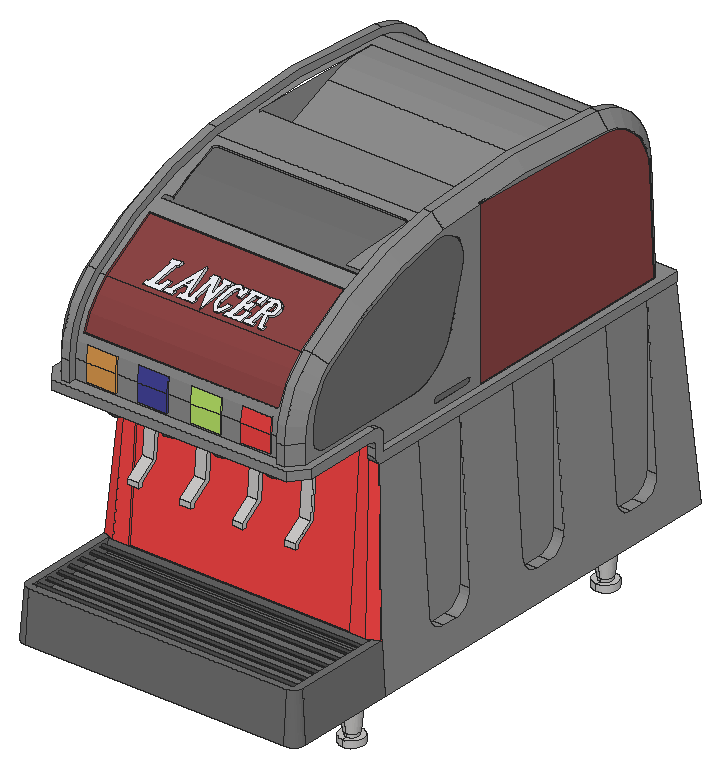
Revit family (continued)
Lines and regions (in)
  symbolic lines
    curve 39: line (1.32778, -27.06729, 3.951) -> (14.37222, -27.06729, 3.951)
    curve 40: line (0.66452, -26.18661, 3.951) -> (1.32778, -27.06729, 3.951)
    curve 41: line (0.18745, -21.89694, 3.951) -> (0.66452, -21.41022, 3.951)
    curve 42: line (0.18745, -21.89694, 3.951) -> (0, -21.89694, 3.951)
    curve 43: line (0.18745, -21.89694, 3.951) -> (0.18745, -27.399, 3.951)
    curve 44: arc (0.18745, -27.399, 3.951) -> (0.33025, -27.74375, 3.951) -> (0.675, -27.88655, 3.951) r 0.48755
    curve 45: line (0.675, -27.88655, 3.951) -> (15.025, -27.88655, 3.951)
    curve 46: line (15.025, -28.074, 3.951) -> (0.675, -28.074, 3.951)
    curve 47: arc (15.025, -27.88655, 3.951) -> (15.36975, -27.74375, 3.951) -> (15.51255, -27.399, 3.951) r 0.48755
    curve 48: line (15.51255, -21.89694, 3.951) -> (15.51255, -27.399, 3.951)
    curve 49: line (0.56333, -27.51067, 3.951) -> (0.56333, -21.51346, 3.951)
    curve 50: line (15.13667, -27.51067, 3.951) -> (0.56333, -27.51067, 3.951)
    curve 51: line (15.13667, -21.51346, 3.951) -> (15.13667, -27.51067, 3.951)
    curve 52: line (15.03569, -21.41044, 3.951) -> (15.51255, -21.89694, 3.951)
    curve 53: line (0.18172, -18.66262, 3.951) -> (0.66452, -18.66262, 3.951)
    curve 54: spline (0.18172, -18.6625, 3.951) -> (0.17286, -18.65426, 3.951) -> (0.16416, -18.62935, 3.951) -> (0.15574, -18.58818, 3.951) -> (0.14777, -18.53144, 3.951) -> (0.14036, -18.4601, 3.951) -> (0.13364, -18.37534, 3.951) -> (0.12773, -18.27859, 3.951) -> (0.12272, -18.17147, 3.951) -> (0.11871, -18.05579, 3.951) -> (0.11575, -17.93348, 3.951) -> (0.11389, -17.8066, 3.951) -> (0.11318, -17.67729, 3.951)
    curve 55: spline (0.11318, -16.77296, 3.951) -> (0.11389, -16.64364, 3.951) -> (0.11575, -16.51677, 3.951) -> (0.11871, -16.39446, 3.951) -> (0.12272, -16.27878, 3.951) -> (0.12773, -16.17166, 3.951) -> (0.13364, -16.07491, 3.951) -> (0.14036, -15.99015, 3.951) -> (0.14777, -15.9188, 3.951) -> (0.15574, -15.86207, 3.951) -> (0.16416, -15.8209, 3.951) -> (0.17286, -15.79599, 3.951) -> (0.18172, -15.78775, 3.951)
    curve 56: line (0.11318, -17.67729, 3.951) -> (0.11318, -16.77296, 3.951)
    curve 57: line (0.66452, -15.78762, 3.951) -> (0.18172, -15.78762, 3.951)
    curve 58: line (0.18172, -12.16262, 3.951) -> (0.66452, -12.16262, 3.951)
    curve 59: spline (0.18172, -12.1625, 3.951) -> (0.17286, -12.15426, 3.951) -> (0.16416, -12.12935, 3.951) -> (0.15574, -12.08818, 3.951) -> (0.14777, -12.03144, 3.951) -> (0.14036, -11.9601, 3.951) -> (0.13364, -11.87534, 3.951) -> (0.12773, -11.77859, 3.951) -> (0.12272, -11.67147, 3.951) -> (0.11871, -11.55579, 3.951) -> (0.11575, -11.43348, 3.951) -> (0.11389, -11.3066, 3.951) -> (0.11318, -11.17729, 3.951)
    curve 60: line (0.11318, -11.17729, 3.951) -> (0.11318, -10.27296, 3.951)
    curve 61: spline (0.11318, -10.27296, 3.951) -> (0.11389, -10.14364, 3.951) -> (0.11575, -10.01677, 3.951) -> (0.11871, -9.89446, 3.951) -> (0.12272, -9.77878, 3.951) -> (0.12773, -9.67166, 3.951) -> (0.13364, -9.57491, 3.951) -> (0.14036, -9.49015, 3.951) -> (0.14777, -9.4188, 3.951) -> (0.15574, -9.36207, 3.951) -> (0.16416, -9.3209, 3.951) -> (0.17286, -9.29599, 3.951) -> (0.18172, -9.28775, 3.951)
    curve 62: line (0.66452, -9.28762, 3.951) -> (0.18172, -9.28762, 3.951)
    curve 63: line (0.18172, -5.66262, 3.951) -> (0.66452, -5.66262, 3.951)
    curve 64: spline (0.18172, -5.6625, 3.951) -> (0.17286, -5.65426, 3.951) -> (0.16416, -5.62935, 3.951) -> (0.15574, -5.58818, 3.951) -> (0.14777, -5.53144, 3.951) -> (0.14036, -5.4601, 3.951) -> (0.13364, -5.37534, 3.951) -> (0.12773, -5.27859, 3.951) -> (0.12272, -5.17147, 3.951) -> (0.11871, -5.05579, 3.951) -> (0.11575, -4.93348, 3.951) -> (0.11389, -4.8066, 3.951) -> (0.11318, -4.67729, 3.951)
    curve 65: line (0.11318, -4.67729, 3.951) -> (0.11318, -3.77296, 3.951)
    curve 66: spline (0.11318, -3.77296, 3.951) -> (0.11389, -3.64364, 3.951) -> (0.11575, -3.51677, 3.951) -> (0.11871, -3.39446, 3.951) -> (0.12272, -3.27878, 3.951) -> (0.12773, -3.17166, 3.951) -> (0.13364, -3.07491, 3.951) -> (0.14036, -2.99015, 3.951) -> (0.14777, -2.9188, 3.951) -> (0.15574, -2.86207, 3.951) -> (0.16416, -2.8209, 3.951) -> (0.17286, -2.79599, 3.951) -> (0.18172, -2.78775, 3.951)
    curve 67: line (0.66452, -2.78762, 3.951) -> (0.18172, -2.78762, 3.951)
    curve 68: line (15.51828, -2.78762, 3.951) -> (15.03569, -2.78762, 3.951)
    curve 69: spline (15.51828, -2.78775, 3.951) -> (15.52714, -2.79599, 3.951) -> (15.53584, -2.8209, 3.951) -> (15.54426, -2.86207, 3.951) -> (15.55223, -2.9188, 3.951) -> (15.55964, -2.99015, 3.951) -> (15.56636, -3.07491, 3.951) -> (15.57227, -3.17166, 3.951) -> (15.57728, -3.27878, 3.951) -> (15.58129, -3.39446, 3.951) -> (15.58425, -3.51677, 3.951) -> (15.58611, -3.64364, 3.951) -> (15.58682, -3.77296, 3.951)
    curve 70: line (15.58682, -3.77296, 3.951) -> (15.58682, -4.67729, 3.951)
    curve 71: spline (15.58682, -4.67729, 3.951) -> (15.58611, -4.8066, 3.951) -> (15.58425, -4.93348, 3.951) -> (15.58129, -5.05579, 3.951) -> (15.57728, -5.17147, 3.951) -> (15.57227, -5.27859, 3.951) -> (15.56636, -5.37534, 3.951) -> (15.55964, -5.4601, 3.951) -> (15.55223, -5.53144, 3.951) -> (15.54426, -5.58818, 3.951) -> (15.53584, -5.62935, 3.951) -> (15.52714, -5.65426, 3.951) -> (15.51828, -5.6625, 3.951)
    curve 72: line (15.03569, -5.66262, 3.951) -> (15.51828, -5.66262, 3.951)
    curve 73: line (15.51828, -9.28762, 3.951) -> (15.03569, -9.28762, 3.951)
    curve 74: spline (15.51828, -9.28775, 3.951) -> (15.52714, -9.29599, 3.951) -> (15.53584, -9.3209, 3.951) -> (15.54426, -9.36207, 3.951) -> (15.55223, -9.4188, 3.951) -> (15.55964, -9.49015, 3.951) -> (15.56636, -9.57491, 3.951) -> (15.57227, -9.67166, 3.951) -> (15.57728, -9.77878, 3.951) -> (15.58129, -9.89446, 3.951) -> (15.58425, -10.01677, 3.951) -> (15.58611, -10.14364, 3.951) -> (15.58682, -10.27296, 3.951)
    curve 75: line (15.58682, -10.27296, 3.951) -> (15.58682, -11.17729, 3.951)
    curve 76: spline (15.58682, -11.17729, 3.951) -> (15.58611, -11.3066, 3.951) -> (15.58425, -11.43348, 3.951) -> (15.58129, -11.55579, 3.951) -> (15.57728, -11.67147, 3.951) -> (15.57227, -11.77859, 3.951) -> (15.56636, -11.87534, 3.951) -> (15.55964, -11.9601, 3.951) -> (15.55223, -12.03144, 3.951) -> (15.54426, -12.08818, 3.951) -> (15.53584, -12.12935, 3.951) -> (15.52714, -12.15426, 3.951) -> (15.51828, -12.1625, 3.951)
    curve 77: line (15.03569, -12.16262, 3.951) -> (15.51828, -12.16262, 3.951)
    curve 78: line (15.51828, -15.78762, 3.951) -> (15.03569, -15.78762, 3.951)
    curve 79: spline (15.51828, -15.78775, 3.951) -> (15.52714, -15.79599, 3.951) -> (15.53584, -15.8209, 3.951) -> (15.54426, -15.86207, 3.951) -> (15.55223, -15.9188, 3.951) -> (15.55964, -15.99015, 3.951) -> (15.56636, -16.07491, 3.951) -> (15.57227, -16.17166, 3.951) -> (15.57728, -16.27878, 3.951) -> (15.58129, -16.39446, 3.951) -> (15.58425, -16.51677, 3.951) -> (15.58611, -16.64364, 3.951) -> (15.58682, -16.77296, 3.951)
    curve 80: line (15.58682, -16.77296, 3.951) -> (15.58682, -17.67729, 3.951)
    curve 81: spline (15.58682, -17.67729, 3.951) -> (15.58611, -17.8066, 3.951) -> (15.58425, -17.93348, 3.951) -> (15.58129, -18.05579, 3.951) -> (15.57728, -18.17147, 3.951) -> (15.57227, -18.27859, 3.951) -> (15.56636, -18.37534, 3.951) -> (15.55964, -18.4601, 3.951) -> (15.55223, -18.53144, 3.951) -> (15.54426, -18.58818, 3.951) -> (15.53584, -18.62935, 3.951) -> (15.52714, -18.65426, 3.951) -> (15.51828, -18.6625, 3.951)
    curve 82: line (15.03569, -18.66262, 3.951) -> (15.51828, -18.66262, 3.951)
    curve 83: line (2.08888, -1.09556, 3.951) -> (2.08888, -26.80995, 3.951)
    curve 84: line (1.05855, -26.06729, 3.951) -> (1.05855, -1.8372, 3.951)
    curve 85: line (1.65121, -1.09556, 3.951) -> (1.05855, -1.8372, 3.951)
    curve 86: line (2.08888, -1.09556, 3.951) -> (1.65121, -1.09556, 3.951)
    curve 87: line (2.08888, -26.80995, 3.951) -> (1.65121, -26.80995, 3.951)
    curve 88: line (1.65121, -26.80995, 3.951) -> (1.05855, -26.06729, 3.951)
    curve 89: line (13.27099, -6.26737, 3.951) -> (13.27099, -14.037, 3.951)
    curve 90: line (1.65121, -26.80995, 3.951) -> (1.65121, -1.09556, 3.951)
    curve 91: line (2.42901, -6.26737, 3.951) -> (13.27099, -6.26737, 3.951)
    curve 92: arc (15.025, -28.07355, 3.951) -> (15.50198, -27.87598, 3.951) -> (15.69955, -27.399, 3.951) r 0.67455
    curve 93: arc (0.00045, -27.399, 3.951) -> (0.19802, -27.87598, 3.951) -> (0.675, -28.07355, 3.951) r 0.67455
Dimensions and locks (in)
  equal spacing: plane 3 "LEFT", plane 7 "Center Y", plane 4 "RIGHT"
  plane 3 "LEFT" to plane 4 "RIGHT" = 15.700"
  equal spacing: plane 5 "FRONT", plane 8 "Center X", plane 1 "BACK"
  plane 5 "FRONT" to plane 1 "BACK" = 28.074"
  locked: plane 6 "TOP" to plane 9 "Base Height" at 21.6
  "Base Height": plane 9 "Base Height" to level
  plane 6 "TOP" to Extrusion 16 sketch curve to Extrusion 16 sketch curve to Extrusion 16 sketch curve to Extrusion 16 sketch curve to Extrusion 16 sketch curve to Extrusion 16 sketch curve to Extrusion 16 sketch curve to Extrusion 16 sketch curve = 0.74892" locked, 3.58386" locked, 0.11111" locked, 0.18318" locked, 2.89491" locked, 1.07419" locked, 0.500" locked, 0.85257" locked
  locked: Sweep 8 sketch curve to Sweep 8 sketch curve at 11.15126
  locked: plane 6 "TOP" to Extrusion 34 at 3.02157
  Revolve 2 sketch curve to Revolve 2 sketch curve to Revolve 2 sketch curve to Revolve 2 sketch curve = 3.39184" locked, 0.20242" locked, 0.35673" locked
  Revolve 1 sketch curve to Revolve 1 sketch curve to Revolve 1 sketch curve to Revolve 1 sketch curve = 3.39184" locked, 0.20242" locked, 0.35673" locked
  Revolve 4 sketch curve to Revolve 4 sketch curve to Revolve 4 sketch curve to Revolve 4 sketch curve = 0.35673" locked, 0.20242" locked, 3.39184" locked
  Revolve 3 sketch curve to Revolve 3 sketch curve to Revolve 3 sketch curve to Revolve 3 sketch curve = 0.35673" locked, 0.20242" locked, 3.39184" locked
  aligned and locked: level to plane 2
Automatic sketch dimensions
  Revolve 1 sketch curve to level = 0.000"
  Revolve 1 sketch curve to plane 9 "Base Height" = 0.000"
  plane 1 "BACK" to Revolve 1 sketch curve = 2.76053"
  Revolve 1 sketch curve to Revolve 1 sketch curve = 0.000"
  Revolve 1 sketch curve to Revolve 1 sketch curve = 0.34216"
  Revolve 1 sketch curve to Revolve 1 sketch curve = 0.05135"
  Revolve 1 sketch curve to Revolve 1 sketch curve = 0.30316"
  Revolve 1 sketch curve to Revolve 1 sketch curve = 0.750"
  Revolve 1 sketch curve to Revolve 1 sketch curve = 0.500"
  Revolve 2 sketch curve to level = 0.000"
  Revolve 2 sketch curve to plane 9 "Base Height" = 0.000"
  Revolve 2 sketch curve to Revolve 2 sketch curve = 0.000"
  Revolve 2 sketch curve to Revolve 2 sketch curve = 0.34216"
  Revolve 2 sketch curve to Revolve 2 sketch curve = 0.05135"
  Revolve 2 sketch curve to Revolve 2 sketch curve = 0.30316"
  Revolve 2 sketch curve to Revolve 2 sketch curve = 0.750"
  Revolve 2 sketch curve to Revolve 2 sketch curve = 0.500"
  Revolve 3 sketch curve to level = 0.000"
  Revolve 3 sketch curve to plane 9 "Base Height" = 0.000"
  plane 1 "BACK" to Revolve 3 sketch curve = 2.76053"
  Revolve 3 sketch curve to Revolve 3 sketch curve = 0.000"
  Revolve 3 sketch curve to Revolve 3 sketch curve = 0.34216"
  Revolve 3 sketch curve to Revolve 3 sketch curve = 0.05135"
  Revolve 3 sketch curve to Revolve 3 sketch curve = 0.30316"
  Revolve 3 sketch curve to Revolve 3 sketch curve = 0.750"
  Revolve 3 sketch curve to Revolve 3 sketch curve = 0.500"
  Revolve 4 sketch curve to level = 0.000"
  Revolve 4 sketch curve to plane 9 "Base Height" = 0.000"
  Revolve 4 sketch curve to Revolve 4 sketch curve = 0.000"
  Revolve 4 sketch curve to Revolve 4 sketch curve = 0.34216"
  Revolve 4 sketch curve to Revolve 4 sketch curve = 0.05135"
  Revolve 4 sketch curve to Revolve 4 sketch curve = 0.30316"
  Revolve 4 sketch curve to Revolve 4 sketch curve = 0.750"
  Revolve 4 sketch curve to Revolve 4 sketch curve = 0.500"
  Extrusion 5 sketch curve to plane 3 "LEFT" = 0.000"
  Extrusion 5 sketch curve to plane 4 "RIGHT" = 0.000"
  Extrusion 5 sketch curve to plane 9 "Base Height" = 0.000"
  plane 3 "LEFT" to Extrusion 5 sketch curve = 0.18745"
  Extrusion 5 sketch curve to plane 4 "RIGHT" = 0.18745"
  plane 9 "Base Height" to Extrusion 5 sketch curve = 2.73494"
  Sweep 6 sketch curve to plane 4 "RIGHT" = 0.000"
  plane 5 "FRONT" to Sweep 6 sketch curve = 0.000"
  Sweep 6 sketch curve to plane 3 "LEFT" = 0.000"
  Sweep 6 sketch curve to plane 4 "RIGHT" = 0.675"
  plane 3 "LEFT" to Sweep 6 sketch curve = 0.675"
  Sweep 6 sketch curve to plane 9 "Base Height" = 0.000"
  profile plane to Sweep 6 sketch curve = 0.000"
  profile plane to Sweep 6 sketch curve = 0.18745"
  profile plane to Sweep 6 sketch curve = 0.37588"
  Sweep 6 sketch curve to Sweep 6 sketch curve = 0.37588"
  plane 9 "Base Height" to Sweep 6 sketch curve = 2.73494"
  Blend 7 sketch curve to plane 4 "RIGHT" = 0.37707"
  Blend 7 sketch curve to Blend 7 sketch curve = 0.29793"  (x2)
  plane 3 "LEFT" to Blend 7 sketch curve = 0.675"
  Blend 7 sketch curve to plane 5 "FRONT" = 0.675"
  Blend 7 sketch curve to plane 4 "RIGHT" = 0.51474"
  plane 3 "LEFT" to Blend 7 sketch curve = 0.51474"
  Blend 7 sketch curve to plane 5 "FRONT" = 0.515"
  plane 1 "BACK" to Sweep 8 sketch curve = 0.000"
  Sweep 8 sketch curve to plane 4 "RIGHT" = 0.000"
  Sweep 8 sketch curve to plane 3 "LEFT" = 0.000"
  Sweep 8 sketch curve to plane 9 "Base Height" = 0.000"
  Sweep 8 sketch curve to profile plane = 0.000"
  Sweep 8 sketch curve to profile plane = 0.76431"
  Sweep 8 sketch curve to profile plane = 0.89924"
  Extrusion 9 sketch curve to plane 4 "RIGHT" = 0.89924"
  plane 3 "LEFT" to Extrusion 9 sketch curve = 0.89924"
  plane 1 "BACK" to Extrusion 9 sketch curve = 0.89924"
  Extrusion 10 sketch curve to Extrusion 10 sketch curve = 0.22397"
  Extrusion 10 sketch curve to Extrusion 10 sketch curve = 0.8125"
  plane 9 "Base Height" to Extrusion 10 sketch curve = 2.73494"
  Extrusion 10 sketch curve to Extrusion 10 sketch curve = 8.41632"
  Extrusion 11 sketch curve to plane 8 "Center X" = 4.62562"
  Extrusion 11 sketch curve to Extrusion 11 sketch curve = 1.000"  (x6)
  Extrusion 11 sketch curve to Extrusion 11 sketch curve = 0.875"  (x3)
  plane 8 "Center X" to Extrusion 11 sketch curve = 1.87438"
  Extrusion 11 sketch curve to Extrusion 11 sketch curve = 3.625"
  plane 9 "Base Height" to Extrusion 11 sketch curve = 1.65126"  (x3)
  Extrusion 11 sketch curve to Extrusion 11 sketch curve = 8.500"  (x2)
  Extrusion 11 sketch curve to Extrusion 11 sketch curve = 0.000"
  Extrusion 12 sketch curve to plane 8 "Center X" = 4.62562"
  Extrusion 12 sketch curve to Extrusion 12 sketch curve = 1.000"  (x6)
  Extrusion 12 sketch curve to Extrusion 12 sketch curve = 0.875"  (x3)
  plane 8 "Center X" to Extrusion 12 sketch curve = 1.87438"
  Extrusion 12 sketch curve to Extrusion 12 sketch curve = 3.625"
  Extrusion 12 sketch curve to plane 6 "TOP" = 10.44874"
  Extrusion 12 sketch curve to Extrusion 12 sketch curve = 0.000"  (x2)
  plane 9 "Base Height" to Extrusion 12 sketch curve = 2.65126"  (x3)
  Extrusion 13 sketch curve to plane 4 "RIGHT" = 0.66431"
  Extrusion 13 sketch curve to Extrusion 13 sketch curve = 0.14643"  (x4)
  plane 3 "LEFT" to Extrusion 13 sketch curve = 0.81074"
  plane 1 "BACK" to Extrusion 13 sketch curve = 0.66431"
  Extrusion 14 sketch curve to Extrusion 14 sketch curve = 0.49985"
  Extrusion 14 sketch curve to Extrusion 14 sketch curve = 0.00033"
  Extrusion 14 sketch curve to Extrusion 14 sketch curve = 0.39266"
  Extrusion 14 sketch curve to Extrusion 14 sketch curve = 0.10701"
  Extrusion 14 sketch curve to plane 6 "TOP" = 10.449"
  Extrusion 14 sketch curve to Extrusion 14 sketch curve = 0.46011"
  Extrusion 14 sketch curve to Extrusion 14 sketch curve = 0.50006"
  Extrusion 15 sketch curve to plane 4 "RIGHT" = 0.66431"
  Extrusion 15 sketch curve to Extrusion 15 sketch curve = 0.66347"
  plane 3 "LEFT" to Extrusion 15 sketch curve = 1.32778"
  plane 3 "LEFT" to Extrusion 15 sketch curve = 0.66431"
  Extrusion 15 sketch curve to plane 5 "FRONT" = 1.00671"
  Extrusion 16 sketch curve to Extrusion 16 sketch curve = 0.000"  (x2)
  Extrusion 16 sketch curve to Extrusion 16 sketch curve = 0.36453"
  Extrusion 16 sketch curve to plane 6 "TOP" = 1.08718"
  Extrusion 16 sketch curve to plane 8 "Center X" = 0.39349"
  Extrusion 16 sketch curve to plane 6 "TOP" = 1.16026"
  Extrusion 16 sketch curve to Extrusion 16 sketch curve = 0.48087"
  plane 1 "BACK" to Extrusion 16 sketch curve = 2.1257"
  plane 1 "BACK" to Extrusion 16 sketch curve = 1.8372"
  Extrusion 18 sketch curve to Extrusion 18 sketch curve = 0.000"
  Extrusion 18 sketch curve to Extrusion 18 sketch curve = 2.60997"
  Extrusion 18 sketch curve to Extrusion 18 sketch curve = 3.42973"
  Extrusion 18 sketch curve to plane 6 "TOP" = 1.3824"
  Extrusion 18 sketch curve to plane 8 "Center X" = 3.02578"
  Extrusion 18 sketch curve to Extrusion 18 sketch curve = 1.68109"
  Extrusion 18 sketch curve to Extrusion 18 sketch curve = 0.27239"
  Extrusion 18 sketch curve to plane 8 "Center X" = 2.00219"
  Extrusion 18 sketch curve to plane 8 "Center X" = 1.12946"
  Extrusion 18 sketch curve to plane 8 "Center X" = 0.86178"
  Extrusion 18 sketch curve to plane 8 "Center X" = 0.44674"
  Extrusion 18 sketch curve to Extrusion 18 sketch curve = 1.68464"
  Extrusion 18 sketch curve to Extrusion 18 sketch curve = 1.38495"
  Extrusion 18 sketch curve to Extrusion 18 sketch curve = 2.60089"
  Extrusion 18 sketch curve to Extrusion 18 sketch curve = 0.758"
  Extrusion 18 sketch curve to Extrusion 18 sketch curve = 0.73006"
  Extrusion 18 sketch curve to Extrusion 18 sketch curve = 0.19542"
  Extrusion 19 sketch curve to Extrusion 19 sketch curve = 0.000"
  Extrusion 19 sketch curve to Extrusion 19 sketch curve = 2.60997"
  Extrusion 19 sketch curve to Extrusion 19 sketch curve = 3.42973"
  Extrusion 19 sketch curve to plane 6 "TOP" = 1.3824"
  Extrusion 19 sketch curve to plane 8 "Center X" = 3.02578"
  Extrusion 19 sketch curve to Extrusion 19 sketch curve = 1.68109"
  Extrusion 19 sketch curve to Extrusion 19 sketch curve = 0.27239"
  Extrusion 19 sketch curve to plane 8 "Center X" = 2.00219"
  Extrusion 19 sketch curve to plane 8 "Center X" = 1.12946"
  Extrusion 19 sketch curve to plane 8 "Center X" = 0.86178"
  Extrusion 19 sketch curve to plane 8 "Center X" = 0.44674"
  Extrusion 19 sketch curve to Extrusion 19 sketch curve = 1.68464"
  Extrusion 19 sketch curve to Extrusion 19 sketch curve = 1.38495"
  Extrusion 19 sketch curve to Extrusion 19 sketch curve = 2.60089"
  Extrusion 19 sketch curve to Extrusion 19 sketch curve = 0.758"
  Extrusion 19 sketch curve to Extrusion 19 sketch curve = 0.73006"
  Extrusion 19 sketch curve to Extrusion 19 sketch curve = 0.19542"
  Extrusion 20 sketch curve to plane 8 "Center X" = 0.000"
  plane 8 "Center X" to Extrusion 20 sketch curve = 2.93744"
  plane 1 "BACK" to Extrusion 20 sketch curve = 5.6209"
  Extrusion 20 sketch curve to plane 6 "TOP" = 1.19097"
  Extrusion 20 sketch curve to Extrusion 20 sketch curve = 0.47661"
  Extrusion 20 sketch curve to Extrusion 20 sketch curve = 0.000"
  plane 1 "BACK" to Extrusion 20 sketch curve = 2.15666"
  plane 1 "BACK" to Extrusion 20 sketch curve = 1.86987"
  Extrusion 20 sketch curve to Extrusion 20 sketch curve = 3.25455"
  Extrusion 20 sketch curve to Extrusion 20 sketch curve = 9.03817"
  Extrusion 21 sketch curve to plane 8 "Center X" = 0.000"
  plane 8 "Center X" to Extrusion 21 sketch curve = 2.93744"
  plane 1 "BACK" to Extrusion 21 sketch curve = 5.6209"
  Extrusion 21 sketch curve to plane 6 "TOP" = 1.19097"
  Extrusion 21 sketch curve to Extrusion 21 sketch curve = 0.47661"
  Extrusion 21 sketch curve to Extrusion 21 sketch curve = 0.000"
  plane 1 "BACK" to Extrusion 21 sketch curve = 2.15666"
  plane 1 "BACK" to Extrusion 21 sketch curve = 1.86987"
  Extrusion 21 sketch curve to Extrusion 21 sketch curve = 0.3114"
  Extrusion 21 sketch curve to Extrusion 21 sketch curve = 9.03817"
  Extrusion 22 sketch curve to Extrusion 22 sketch curve = 0.000"  (x18)
  Extrusion 22 sketch curve to Extrusion 22 sketch curve = 0.350"
  Extrusion 22 sketch curve to Extrusion 22 sketch curve = 0.21125"
  Extrusion 22 sketch curve to plane 6 "TOP" = 0.73991"
  Extrusion 22 sketch curve to plane 8 "Center X" = 2.5127"
  Extrusion 22 sketch curve to Extrusion 22 sketch curve = 0.04362"
  plane 8 "Center X" to Extrusion 22 sketch curve = 2.93744"
  plane 1 "BACK" to Extrusion 22 sketch curve = 5.6209"
  Extrusion 22 sketch curve to Extrusion 22 sketch curve = 0.48087"
  plane 1 "BACK" to Extrusion 22 sketch curve = 2.1257"
  plane 1 "BACK" to Extrusion 22 sketch curve = 1.8372"
  Extrusion 22 sketch curve to Extrusion 22 sketch curve = 0.34952"
  Extrusion 22 sketch curve to Extrusion 22 sketch curve = 0.35048"
  Extrusion 22 sketch curve to Extrusion 22 sketch curve = 5.52316"
  Extrusion 22 sketch curve to Extrusion 22 sketch curve = 1.07419"
  Extrusion 23 sketch curve to plane 5 "FRONT" = 0.93226"
  Extrusion 23 sketch curve to Extrusion 23 sketch curve = 0.750"  (x6)
  plane 9 "Base Height" to Extrusion 23 sketch curve = 2.53743"
  Extrusion 23 sketch curve to Extrusion 23 sketch curve = 0.000"  (x6)
  Extrusion 24 sketch curve to Extrusion 24 sketch curve = 0.49985"
  Extrusion 24 sketch curve to Extrusion 24 sketch curve = 0.00033"
  Extrusion 24 sketch curve to Extrusion 24 sketch curve = 0.39266"
  Extrusion 24 sketch curve to Extrusion 24 sketch curve = 0.10701"
  Extrusion 24 sketch curve to plane 6 "TOP" = 8.59617"
  Extrusion 24 sketch curve to Extrusion 24 sketch curve = 0.49988"
  Extrusion 24 sketch curve to Extrusion 24 sketch curve = 0.46011"
  Blend 25 sketch curve to plane 4 "RIGHT" = 0.18745"
  Blend 25 sketch curve to Blend 25 sketch curve = 0.61823"
  Blend 25 sketch curve to Blend 25 sketch curve = 0.9041"
  plane 3 "LEFT" to Blend 25 sketch curve = 1.70979"  (x2)
  plane 3 "LEFT" to Blend 25 sketch curve = 0.80569"
  plane 3 "LEFT" to Blend 25 sketch curve = 0.18745"
  Blend 25 sketch curve to Blend 25 sketch curve = 0.08203"  (x4)
  Blend 25 sketch curve to Blend 25 sketch curve = 0.17903"
  Blend 25 sketch curve to Blend 25 sketch curve = 0.07075"
  Blend 25 sketch curve to Blend 25 sketch curve = 0.24978"
  Blend 25 sketch curve to plane 4 "RIGHT" = 0.8603"
  Blend 25 sketch curve to Blend 25 sketch curve = 0.34886"  (x2)
  Blend 25 sketch curve to Blend 25 sketch curve = 0.50063"  (x2)
  Blend 25 sketch curve to Blend 25 sketch curve = 0.0702"
  Blend 25 sketch curve to Blend 25 sketch curve = 0.14095"  (x2)
  Extrusion 26 sketch curve to Extrusion 26 sketch curve = 0.000"  (x8)
  Extrusion 26 sketch curve to Extrusion 26 sketch curve = 0.05237"
  Extrusion 26 sketch curve to Extrusion 26 sketch curve = 0.03018"
  Extrusion 26 sketch curve to Extrusion 26 sketch curve = 0.02136"
  Extrusion 26 sketch curve to plane 8 "Center X" = 0.39349"
  plane 9 "Base Height" to Extrusion 26 sketch curve = 3.99027"
  Extrusion 27 sketch curve to plane 8 "Center X" = 0.000"
  plane 8 "Center X" to Extrusion 27 sketch curve = 2.93744"
  Extrusion 27 sketch curve to plane 6 "TOP" = 1.08356"
  plane 8 "Center X" to Extrusion 27 sketch curve = 4.73765"
  Extrusion 27 sketch curve to Extrusion 27 sketch curve = 2.34129"
  Extrusion 27 sketch curve to plane 6 "TOP" = 0.66674"
  Extrusion 27 sketch curve to Extrusion 27 sketch curve = 3.03198"
  Extrusion 27 sketch curve to Extrusion 27 sketch curve = 0.000"
  Extrusion 27 sketch curve to plane 6 "TOP" = 2.9977"
  Extrusion 27 sketch curve to Extrusion 27 sketch curve = 6.21172"
  Extrusion 27 sketch curve to level = 18.57434"
  Extrusion 28 sketch curve to Extrusion 28 sketch curve = 0.1958"  (x2)
  Extrusion 28 sketch curve to Extrusion 28 sketch curve = 0.36712"  (x2)
  Extrusion 28 sketch curve to plane 8 "Center X" = 3.16022"
  Extrusion 28 sketch curve to Extrusion 28 sketch curve = 0.200"  (x2)
  Extrusion 28 sketch curve to Extrusion 28 sketch curve = 3.025"  (x2)
  Extrusion 28 sketch curve to Extrusion 28 sketch curve = 0.07648"
  Extrusion 29 sketch curve to Extrusion 29 sketch curve = 0.000"  (x2)
  Extrusion 29 sketch curve to plane 6 "TOP" = 2.0225"
  Extrusion 29 sketch curve to Extrusion 29 sketch curve = 0.50661"
  Extrusion 29 sketch curve to plane 6 "TOP" = 0.88462"
  Extrusion 29 sketch curve to plane 8 "Center X" = 3.16022"
  Extrusion 29 sketch curve to plane 8 "Center X" = 0.39349"
  plane 9 "Base Height" to Extrusion 29 sketch curve = 3.99027"
  Extrusion 30 sketch curve to Extrusion 30 sketch curve = 0.000"  (x3)
  Extrusion 30 sketch curve to Extrusion 30 sketch curve = 0.050"
  Extrusion 30 sketch curve to Extrusion 30 sketch curve = 0.02736"
  Extrusion 30 sketch curve to Extrusion 30 sketch curve = 0.05091"
  Extrusion 30 sketch curve to plane 6 "TOP" = 8.49085"
  Extrusion 30 sketch curve to Extrusion 30 sketch curve = 0.96887"
  Extrusion 31 sketch curve to Extrusion 31 sketch curve = 0.000"  (x3)
  Extrusion 31 sketch curve to Extrusion 31 sketch curve = 0.050"
  Extrusion 31 sketch curve to Extrusion 31 sketch curve = 0.02736"
  Extrusion 31 sketch curve to Extrusion 31 sketch curve = 0.05091"
  Extrusion 31 sketch curve to plane 6 "TOP" = 8.49085"
  Extrusion 31 sketch curve to Extrusion 31 sketch curve = 0.96887"
  Extrusion 32 sketch curve to Extrusion 32 sketch curve = 0.000"  (x3)
  Extrusion 32 sketch curve to Extrusion 32 sketch curve = 0.050"
  Extrusion 32 sketch curve to Extrusion 32 sketch curve = 0.02736"
  Extrusion 32 sketch curve to Extrusion 32 sketch curve = 0.05091"
  Extrusion 32 sketch curve to plane 6 "TOP" = 6.70052"
  Extrusion 32 sketch curve to Extrusion 32 sketch curve = 0.96887"
  Extrusion 33 sketch curve to Extrusion 33 sketch curve = 0.000"  (x3)
  Extrusion 33 sketch curve to Extrusion 33 sketch curve = 0.050"
  Extrusion 33 sketch curve to Extrusion 33 sketch curve = 0.02736"
  Extrusion 33 sketch curve to Extrusion 33 sketch curve = 0.05091"
  Extrusion 33 sketch curve to plane 6 "TOP" = 6.70052"
  Extrusion 33 sketch curve to Extrusion 33 sketch curve = 0.96887"
  Extrusion 34 sketch curve to Extrusion 34 sketch curve = 0.08218"  (x2)
  Extrusion 34 sketch curve to Extrusion 34 sketch curve = 0.07617"
  Extrusion 34 sketch curve to Extrusion 34 sketch curve = 0.07176"
  Extrusion 34 sketch curve to Extrusion 34 sketch curve = 0.30739"
  Extrusion 34 sketch curve to Extrusion 34 sketch curve = 0.06132"
  Extrusion 34 sketch curve to Extrusion 34 sketch curve = 0.07374"  (x2)
  Extrusion 34 sketch curve to Extrusion 34 sketch curve = 0.14515"
  Extrusion 34 sketch curve to Extrusion 34 sketch curve = 0.23667"
  Extrusion 34 sketch curve to Extrusion 34 sketch curve = 0.29528"
  Extrusion 34 sketch curve to Extrusion 34 sketch curve = 0.07086"
  Extrusion 34 sketch curve to Extrusion 34 sketch curve = 0.31791"
  Extrusion 34 sketch curve to Extrusion 34 sketch curve = 0.13767"
  Extrusion 34 sketch curve to Extrusion 34 sketch curve = 0.09549"
  Extrusion 34 sketch curve to Extrusion 34 sketch curve = 0.07318"
  Extrusion 34 sketch curve to Extrusion 34 sketch curve = 0.22586"
  Extrusion 34 sketch curve to Extrusion 34 sketch curve = 0.04439"
  Extrusion 34 sketch curve to Extrusion 34 sketch curve = 0.1403"
  Extrusion 34 sketch curve to Extrusion 34 sketch curve = 0.19979"
  Extrusion 34 sketch curve to Extrusion 34 sketch curve = 0.03362"
  Extrusion 34 sketch curve to Extrusion 34 sketch curve = 0.11393"
  Extrusion 34 sketch curve to Extrusion 34 sketch curve = 0.15379"
  Extrusion 34 sketch curve to Extrusion 34 sketch curve = 0.28862"
  Extrusion 34 sketch curve to Extrusion 34 sketch curve = 0.08623"
  Extrusion 34 sketch curve to Extrusion 34 sketch curve = 0.05675"
  Extrusion 34 sketch curve to Extrusion 34 sketch curve = 0.0668"
  Extrusion 34 sketch curve to Extrusion 34 sketch curve = 0.17795"
  Extrusion 34 sketch curve to Extrusion 34 sketch curve = 0.000"  (x18)
  Extrusion 34 sketch curve to Extrusion 34 sketch curve = 0.21322"
  Extrusion 34 sketch curve to Extrusion 34 sketch curve = 0.05282"
  Extrusion 34 sketch curve to Extrusion 34 sketch curve = 0.01982"
  Extrusion 34 sketch curve to Extrusion 34 sketch curve = 0.06484"
  Extrusion 34 sketch curve to Extrusion 34 sketch curve = 0.07255"
  Extrusion 34 sketch curve to Extrusion 34 sketch curve = 0.12909"
  Extrusion 34 sketch curve to Extrusion 34 sketch curve = 0.07643"
  Extrusion 34 sketch curve to Extrusion 34 sketch curve = 0.10341"
  Extrusion 34 sketch curve to Extrusion 34 sketch curve = 0.02165"
  Extrusion 34 sketch curve to Extrusion 34 sketch curve = 0.03562"
  Extrusion 34 sketch curve to Extrusion 34 sketch curve = 0.20801"
  Extrusion 34 sketch curve to Extrusion 34 sketch curve = 0.15423"
  Extrusion 34 sketch curve to Extrusion 34 sketch curve = 0.07541"
  Extrusion 34 sketch curve to Extrusion 34 sketch curve = 0.04958"
  Extrusion 34 sketch curve to Extrusion 34 sketch curve = 0.02857"
  Extrusion 34 sketch curve to Extrusion 34 sketch curve = 0.08174"
  Extrusion 34 sketch curve to Extrusion 34 sketch curve = 0.08801"
  Extrusion 34 sketch curve to Extrusion 34 sketch curve = 0.21398"
  Extrusion 34 sketch curve to Extrusion 34 sketch curve = 0.05654"
  Extrusion 34 sketch curve to Extrusion 34 sketch curve = 0.14527"
  Extrusion 34 sketch curve to Extrusion 34 sketch curve = 0.33588"
  Extrusion 34 sketch curve to Extrusion 34 sketch curve = 0.06594"
  Extrusion 34 sketch curve to Extrusion 34 sketch curve = 0.02948"
  Extrusion 34 sketch curve to Extrusion 34 sketch curve = 0.03219"
  Extrusion 34 sketch curve to Extrusion 34 sketch curve = 0.06639"
  Extrusion 34 sketch curve to Extrusion 34 sketch curve = 0.01087"
  Extrusion 34 sketch curve to Extrusion 34 sketch curve = 0.32826"
  Extrusion 34 sketch curve to Extrusion 34 sketch curve = 0.09361"
  Extrusion 34 sketch curve to Extrusion 34 sketch curve = 0.08461"
  Extrusion 34 sketch curve to Extrusion 34 sketch curve = 0.07944"  (x2)
  Extrusion 34 sketch curve to Extrusion 34 sketch curve = 0.03361"  (x2)
  Extrusion 34 sketch curve to Extrusion 34 sketch curve = 0.00691"
  Extrusion 34 sketch curve to Extrusion 34 sketch curve = 0.24197"
  Extrusion 34 sketch curve to Extrusion 34 sketch curve = 0.09733"
  Extrusion 34 sketch curve to Extrusion 34 sketch curve = 0.11645"  (x2)
  Extrusion 34 sketch curve to Extrusion 34 sketch curve = 0.10945"
  Extrusion 34 sketch curve to Extrusion 34 sketch curve = 0.03603"
  Extrusion 34 sketch curve to Extrusion 34 sketch curve = 0.11776"
  Extrusion 34 sketch curve to Extrusion 34 sketch curve = 0.1774"
  Extrusion 34 sketch curve to Extrusion 34 sketch curve = 0.2018"
  Extrusion 34 sketch curve to Extrusion 34 sketch curve = 0.25056"
  Extrusion 34 sketch curve to Extrusion 34 sketch curve = 0.05204"
  Extrusion 34 sketch curve to Extrusion 34 sketch curve = 0.02043"
  Extrusion 34 sketch curve to Extrusion 34 sketch curve = 0.1492"
  Extrusion 34 sketch curve to Extrusion 34 sketch curve = 0.09522"
  Extrusion 34 sketch curve to Extrusion 34 sketch curve = 0.17785"
  Extrusion 34 sketch curve to Extrusion 34 sketch curve = 0.00579"
  Extrusion 34 sketch curve to Extrusion 34 sketch curve = 0.01418"
  Extrusion 34 sketch curve to Extrusion 34 sketch curve = 0.08376"
  Extrusion 34 sketch curve to Extrusion 34 sketch curve = 0.02802"
  Extrusion 34 sketch curve to Extrusion 34 sketch curve = 0.07982"
  Extrusion 34 sketch curve to Extrusion 34 sketch curve = 0.00713"
  Extrusion 34 sketch curve to Extrusion 34 sketch curve = 0.00302"
  Extrusion 34 sketch curve to Extrusion 34 sketch curve = 0.2192"
  Extrusion 34 sketch curve to Extrusion 34 sketch curve = 0.2477"
  Extrusion 34 sketch curve to Extrusion 34 sketch curve = 0.30275"
  Extrusion 34 sketch curve to Extrusion 34 sketch curve = 0.04148"
  Extrusion 34 sketch curve to Extrusion 34 sketch curve = 0.0939"
  Extrusion 34 sketch curve to Extrusion 34 sketch curve = 0.13542"
  Extrusion 34 sketch curve to Extrusion 34 sketch curve = 0.14667"
  Extrusion 34 sketch curve to Extrusion 34 sketch curve = 0.11924"
  Extrusion 34 sketch curve to Extrusion 34 sketch curve = 0.03945"
  Extrusion 34 sketch curve to Extrusion 34 sketch curve = 0.07113"
  Extrusion 34 sketch curve to Extrusion 34 sketch curve = 0.01217"
  Extrusion 34 sketch curve to Extrusion 34 sketch curve = 0.25918"
  Extrusion 34 sketch curve to Extrusion 34 sketch curve = 0.21228"
  Extrusion 34 sketch curve to Extrusion 34 sketch curve = 0.05853"
  Extrusion 34 sketch curve to Extrusion 34 sketch curve = 0.07948"
  Extrusion 34 sketch curve to Extrusion 34 sketch curve = 0.19248"
  Extrusion 34 sketch curve to Extrusion 34 sketch curve = 0.03668"
  Extrusion 34 sketch curve to Extrusion 34 sketch curve = 0.06321"
  Extrusion 34 sketch curve to Extrusion 34 sketch curve = 0.03794"
  Extrusion 34 sketch curve to Extrusion 34 sketch curve = 0.20476"
  Extrusion 34 sketch curve to Extrusion 34 sketch curve = 0.06285"
  Extrusion 34 sketch curve to Extrusion 34 sketch curve = 0.14237"
  Extrusion 34 sketch curve to Extrusion 34 sketch curve = 0.34298"
  Extrusion 34 sketch curve to Extrusion 34 sketch curve = 0.32306"
  Extrusion 34 sketch curve to Extrusion 34 sketch curve = 0.01407"
  Extrusion 34 sketch curve to Extrusion 34 sketch curve = 0.31918"
  Extrusion 34 sketch curve to Extrusion 34 sketch curve = 0.49173"
  Extrusion 34 sketch curve to Extrusion 34 sketch curve = 0.17255"
  Extrusion 34 sketch curve to Extrusion 34 sketch curve = 0.19695"
  Extrusion 34 sketch curve to Extrusion 34 sketch curve = 0.19926"  (x2)
  Extrusion 34 sketch curve to Extrusion 34 sketch curve = 0.2061"
  Extrusion 34 sketch curve to Extrusion 34 sketch curve = 0.20694"  (x2)
  Extrusion 34 sketch curve to Extrusion 34 sketch curve = 0.2118"
  Extrusion 34 sketch curve to Extrusion 34 sketch curve = 0.21294"
  Extrusion 34 sketch curve to Extrusion 34 sketch curve = 0.21409"  (x3)
  Extrusion 34 sketch curve to Extrusion 34 sketch curve = 0.0048"
  Extrusion 34 sketch curve to Extrusion 34 sketch curve = 0.053"
  Extrusion 34 sketch curve to Extrusion 34 sketch curve = 0.04815"
  Extrusion 34 sketch curve to Extrusion 34 sketch curve = 0.00383"
  Extrusion 34 sketch curve to Extrusion 34 sketch curve = 0.07338"  (x2)
  Extrusion 34 sketch curve to Extrusion 34 sketch curve = 0.06772"
  Extrusion 34 sketch curve to Extrusion 34 sketch curve = 0.03572"
  Extrusion 34 sketch curve to Extrusion 34 sketch curve = 0.14436"
  Extrusion 34 sketch curve to Extrusion 34 sketch curve = 0.16266"
  Extrusion 34 sketch curve to Extrusion 34 sketch curve = 0.20988"
  Extrusion 34 sketch curve to Extrusion 34 sketch curve = 0.18259"
  Extrusion 34 sketch curve to Extrusion 34 sketch curve = 0.04509"
  Extrusion 34 sketch curve to Extrusion 34 sketch curve = 0.02529"
  Extrusion 34 sketch curve to Extrusion 34 sketch curve = 0.31195"
  Extrusion 34 sketch curve to Extrusion 34 sketch curve = 0.48256"
  Extrusion 34 sketch curve to Extrusion 34 sketch curve = 0.12784"
  Extrusion 34 sketch curve to Extrusion 34 sketch curve = 0.01456"
  Extrusion 34 sketch curve to Extrusion 34 sketch curve = 0.19653"
  Extrusion 34 sketch curve to Extrusion 34 sketch curve = 0.21698"
  Extrusion 34 sketch curve to Extrusion 34 sketch curve = 0.25754"
  Extrusion 34 sketch curve to Extrusion 34 sketch curve = 0.11118"
  Extrusion 34 sketch curve to Extrusion 34 sketch curve = 0.02366"
  Extrusion 34 sketch curve to Extrusion 34 sketch curve = 0.25676"
  Extrusion 34 sketch curve to Extrusion 34 sketch curve = 0.21744"
  Extrusion 34 sketch curve to Extrusion 34 sketch curve = 0.05862"
  Extrusion 34 sketch curve to Extrusion 34 sketch curve = 0.18923"
  Extrusion 34 sketch curve to Extrusion 34 sketch curve = 0.09225"
  Extrusion 34 sketch curve to Extrusion 34 sketch curve = 0.0397"
  Extrusion 34 sketch curve to Extrusion 34 sketch curve = 0.05905"
  Extrusion 34 sketch curve to Extrusion 34 sketch curve = 0.74007"
  Extrusion 34 sketch curve to Extrusion 34 sketch curve = 0.00895"
  Extrusion 34 sketch curve to Extrusion 34 sketch curve = 0.26901"
  Extrusion 34 sketch curve to Extrusion 34 sketch curve = 0.04115"
  Extrusion 34 sketch curve to Extrusion 34 sketch curve = 0.22786"
  Extrusion 34 sketch curve to Extrusion 34 sketch curve = 0.05911"
  Extrusion 34 sketch curve to Extrusion 34 sketch curve = 0.03539"
  Extrusion 34 sketch curve to Extrusion 34 sketch curve = 0.05011"
  Extrusion 34 sketch curve to Extrusion 34 sketch curve = 0.09184"
  Extrusion 34 sketch curve to Extrusion 34 sketch curve = 0.07727"
  Extrusion 34 sketch curve to Extrusion 34 sketch curve = 0.18911"
  Extrusion 34 sketch curve to Extrusion 34 sketch curve = 0.03623"
  Extrusion 34 sketch curve to Extrusion 34 sketch curve = 0.16847"
  Extrusion 34 sketch curve to Extrusion 34 sketch curve = 0.22907"
  Split face 1 sketch curve to cut or joined group 1 (Extrusion 16, Sweep 17, Extrusion 18, Extrusion 19, Extrusion 20, Extrusion 21, Extrusion 22, Extrusion 26, Extrusion 27, Extrusion 28) = 3.46183"
  Split face 1 sketch curve to cut or joined group 1 = 11.05131"
  Split face 1 sketch curve to cut or joined group 1 = 3.78907"
  Split face 1 sketch curve to Split face 1 sketch curve = 0.12562"
  Split face 1 sketch curve to Split face 1 sketch curve = 0.11642"
  Split face 1 sketch curve to Split face 1 sketch curve = 0.10968"
  Split face 1 sketch curve to Split face 1 sketch curve = 0.46984"
  Split face 1 sketch curve to Split face 1 sketch curve = 0.07392"
  Split face 1 sketch curve to Split face 1 sketch curve = 0.09372"
  Split face 1 sketch curve to Split face 1 sketch curve = 0.11271"  (x2)
  Split face 1 sketch curve to Split face 1 sketch curve = 0.22186"
  Split face 1 sketch curve to cut or joined group 1 = 4.03769"
  Split face 1 sketch curve to Split face 1 sketch curve = 0.36174"
  Split face 1 sketch curve to Split face 1 sketch curve = 0.45133"
  Split face 1 sketch curve to cut or joined group 1 = 4.31984"
  Split face 1 sketch curve to Split face 1 sketch curve = 0.10831"
  Split face 1 sketch curve to Split face 1 sketch curve = 0.48592"
  Split face 1 sketch curve to Split face 1 sketch curve = 0.21042"
  Split face 1 sketch curve to Split face 1 sketch curve = 0.11185"
  Split face 1 sketch curve to Split face 1 sketch curve = 0.34523"
  Split face 1 sketch curve to Split face 1 sketch curve = 0.000"
  Split face 1 sketch curve to Split face 1 sketch curve = 0.07359"
  Split face 1 sketch curve to Split face 1 sketch curve = 1.13118"
  Split face 1 sketch curve to Split face 1 sketch curve = 0.01368"
  Split face 1 sketch curve to Split face 1 sketch curve = 0.07659"
  Split face 1 sketch curve to Split face 1 sketch curve = 0.30731"
  Split face 2 sketch curve to cut or joined group 1 = 3.46183"  (x2)
  Split face 2 sketch curve to cut or joined group 1 = 9.37602"
  Split face 2 sketch curve to Split face 2 sketch curve = 0.12562"
  Split face 2 sketch curve to Split face 2 sketch curve = 0.06784"
  Split face 2 sketch curve to Split face 2 sketch curve = 0.21445"
  Split face 2 sketch curve to cut or joined group 1 = 3.7873"
  Split face 2 sketch curve to Split face 2 sketch curve = 0.30537"
  Split face 2 sketch curve to Split face 2 sketch curve = 0.05139"
  Split face 2 sketch curve to Split face 2 sketch curve = 0.17414"
  Split face 2 sketch curve to Split face 2 sketch curve = 0.23506"
  Split face 2 sketch curve to Split face 2 sketch curve = 0.44116"
  Split face 2 sketch curve to cut or joined group 1 = 3.78556"
  Split face 2 sketch curve to Split face 2 sketch curve = 0.08674"
  Split face 2 sketch curve to Split face 2 sketch curve = 0.10211"
  Split face 2 sketch curve to Split face 2 sketch curve = 0.1316"
  Split face 2 sketch curve to Split face 2 sketch curve = 0.37063"
  Split face 2 sketch curve to Split face 2 sketch curve = 0.44803"
  Split face 2 sketch curve to Split face 2 sketch curve = 0.15954"
  Split face 2 sketch curve to Split face 2 sketch curve = 0.15001"
  Split face 2 sketch curve to Split face 2 sketch curve = 0.3259"
  Split face 2 sketch curve to Split face 2 sketch curve = 0.02662"
  Split face 2 sketch curve to Split face 2 sketch curve = 0.08074"
  Split face 2 sketch curve to cut or joined group 1 = 3.77685"
  Split face 2 sketch curve to Split face 2 sketch curve = 0.03029"
  Split face 2 sketch curve to Split face 2 sketch curve = 0.69754"
  Split face 2 sketch curve to Split face 2 sketch curve = 0.09911"
  Split face 2 sketch curve to Split face 2 sketch curve = 0.11089"
  Split face 2 sketch curve to Split face 2 sketch curve = 0.19732"
  Split face 2 sketch curve to Split face 2 sketch curve = 0.71519"
  Split face 2 sketch curve to Split face 2 sketch curve = 0.51802"
  Split face 2 sketch curve to Split face 2 sketch curve = 0.49055"
  Split face 2 sketch curve to Split face 2 sketch curve = 0.33208"
  Split face 2 sketch curve to Split face 2 sketch curve = 0.10825"
  Split face 2 sketch curve to Split face 2 sketch curve = 0.1582"
  Split face 2 sketch curve to Split face 2 sketch curve = 0.34163"
  Split face 2 sketch curve to Split face 2 sketch curve = 0.15806"
  Split face 2 sketch curve to Split face 2 sketch curve = 0.0331"
  Split face 2 sketch curve to Split face 2 sketch curve = 0.11526"
  Split face 2 sketch curve to Split face 2 sketch curve = 0.26374"
  Split face 2 sketch curve to Split face 2 sketch curve = 0.32724"
  Split face 2 sketch curve to Split face 2 sketch curve = 0.08101"
  Split face 2 sketch curve to Split face 2 sketch curve = 0.00585"
  Split face 2 sketch curve to Split face 2 sketch curve = 0.1035"
  Split face 2 sketch curve to Split face 2 sketch curve = 0.0546"
  Split face 2 sketch curve to Split face 2 sketch curve = 0.47681"
  Split face 2 sketch curve to Split face 2 sketch curve = 0.80481"
  Split face 2 sketch curve to Split face 2 sketch curve = 0.39246"
  Split face 2 sketch curve to Split face 2 sketch curve = 0.68048"
  Split face 2 sketch curve to Split face 2 sketch curve = 0.06067"
  Split face 2 sketch curve to Split face 2 sketch curve = 0.41118"
  Split face 2 sketch curve to Split face 2 sketch curve = 0.06289"
  Split face 2 sketch curve to Split face 2 sketch curve = 0.0541"
  Split face 2 sketch curve to Split face 2 sketch curve = 0.28906"
  Split face 2 sketch curve to Split face 2 sketch curve = 0.35012"
  Split face 3 sketch curve to cut or joined group 1 = 8.12174"
  Split face 3 sketch curve to Split face 3 sketch curve = 0.27199"
  Split face 3 sketch curve to cut or joined group 1 = 4.58937"
  Split face 3 sketch curve to Split face 3 sketch curve = 0.39365"
  Split face 4 sketch curve to cut or joined group 1 = 5.53528"
  Split face 4 sketch curve to Split face 4 sketch curve = 0.11682"
  Split face 4 sketch curve to Split face 4 sketch curve = 0.09973"
  Split face 4 sketch curve to Split face 4 sketch curve = 0.000"  (x10)
  Split face 4 sketch curve to Split face 4 sketch curve = 0.1248"
  Split face 4 sketch curve to Split face 4 sketch curve = 0.37582"
  Split face 4 sketch curve to Split face 4 sketch curve = 0.31794"
  Split face 4 sketch curve to Split face 4 sketch curve = 0.23574"
  Split face 4 sketch curve to Split face 4 sketch curve = 0.07578"
  Split face 4 sketch curve to Split face 4 sketch curve = 0.04367"
  Split face 4 sketch curve to Split face 4 sketch curve = 0.12494"
  Split face 4 sketch curve to Split face 4 sketch curve = 0.13453"
  Split face 4 sketch curve to Split face 4 sketch curve = 0.32706"
  Split face 4 sketch curve to Split face 4 sketch curve = 0.08642"
  Split face 4 sketch curve to Split face 4 sketch curve = 0.22205"
  Split face 4 sketch curve to Split face 4 sketch curve = 0.28024"
  Split face 4 sketch curve to Split face 4 sketch curve = 0.10078"
  Split face 4 sketch curve to Split face 4 sketch curve = 0.04506"
  Split face 4 sketch curve to Split face 4 sketch curve = 0.0492"
  Split face 4 sketch curve to Split face 4 sketch curve = 0.10147"
  Split face 4 sketch curve to Split face 4 sketch curve = 0.01661"
  Split face 4 sketch curve to Split face 4 sketch curve = 0.14309"
  Split face 4 sketch curve to Split face 4 sketch curve = 0.12933"
  Split face 4 sketch curve to Split face 4 sketch curve = 0.30349"
  Split face 4 sketch curve to Split face 4 sketch curve = 0.36985"
  Split face 4 sketch curve to Split face 4 sketch curve = 0.14876"
  Split face 4 sketch curve to Split face 4 sketch curve = 0.16729"
  Split face 4 sketch curve to Split face 4 sketch curve = 0.05507"
  Split face 4 sketch curve to Split face 4 sketch curve = 0.180"
  Split face 4 sketch curve to Split face 4 sketch curve = 0.27115"
  Split face 4 sketch curve to Split face 4 sketch curve = 0.30846"
  cut or joined group 1 to Split face 4 sketch curve = 0.35629"
  Split face 4 sketch curve to Split face 4 sketch curve = 0.49379"
  Split face 4 sketch curve to cut or joined group 1 = 2.71023"
  Split face 4 sketch curve to Split face 4 sketch curve = 0.02151"
  Split face 4 sketch curve to cut or joined group 1 = 3.46183"
  Split face 4 sketch curve to Split face 4 sketch curve = 0.00734"
  Split face 4 sketch curve to Split face 4 sketch curve = 0.14037"
  Split face 4 sketch curve to Split face 4 sketch curve = 0.11811"
  Split face 5 sketch curve to cut or joined group 1 = 4.25573"
  Split face 5 sketch curve to Split face 5 sketch curve = 0.12142"
  Split face 5 sketch curve to Split face 5 sketch curve = 0.05138"
  Split face 5 sketch curve to Split face 5 sketch curve = 0.17799"
  Split face 5 sketch curve to Split face 5 sketch curve = 0.38297"
  Split face 5 sketch curve to Split face 5 sketch curve = 0.62782"
  Split face 5 sketch curve to Split face 5 sketch curve = 0.03122"
  Split face 5 sketch curve to Split face 5 sketch curve = 0.11729"
  Split face 5 sketch curve to Split face 5 sketch curve = 0.14554"
  Split face 5 sketch curve to Split face 5 sketch curve = 0.27183"
  Split face 5 sketch curve to Split face 5 sketch curve = 0.00884"
  Split face 5 sketch curve to Split face 5 sketch curve = 0.02168"
  Split face 5 sketch curve to Split face 5 sketch curve = 0.12802"
  Split face 5 sketch curve to Split face 5 sketch curve = 0.11988"
  Split face 5 sketch curve to Split face 5 sketch curve = 0.04283"
  Split face 5 sketch curve to Split face 5 sketch curve = 0.32105"
  Split face 5 sketch curve to Split face 5 sketch curve = 0.19605"
  Split face 5 sketch curve to Split face 5 sketch curve = 0.44837"
  Split face 5 sketch curve to Split face 5 sketch curve = 0.29836"
  Split face 5 sketch curve to Split face 5 sketch curve = 0.033"
  Split face 5 sketch curve to Split face 5 sketch curve = 0.17554"
  Split face 5 sketch curve to Split face 5 sketch curve = 0.33232"
  Split face 5 sketch curve to Split face 5 sketch curve = 0.0109"
  Split face 5 sketch curve to Split face 5 sketch curve = 0.32778"
  Split face 5 sketch curve to Split face 5 sketch curve = 0.47246"
  Split face 5 sketch curve to Split face 5 sketch curve = 0.33504"
  Split face 5 sketch curve to Split face 5 sketch curve = 0.46275"
  Split face 5 sketch curve to cut or joined group 1 = 3.46183"
  Split face 5 sketch curve to Split face 5 sketch curve = 0.30456"
  Split face 5 sketch curve to Split face 5 sketch curve = 0.31631"
  Split face 5 sketch curve to Split face 5 sketch curve = 0.11216"
  Split face 5 sketch curve to Split face 5 sketch curve = 0.22065"
  Split face 5 sketch curve to Split face 5 sketch curve = 0.29744"
  Split face 5 sketch curve to Split face 5 sketch curve = 0.06892"
  Split face 5 sketch curve to Split face 5 sketch curve = 0.03866"
  Split face 5 sketch curve to Split face 5 sketch curve = 0.30039"
  Split face 5 sketch curve to Split face 5 sketch curve = 0.16993"
  Split face 5 sketch curve to Split face 5 sketch curve = 0.03616"
  Split face 5 sketch curve to Split face 5 sketch curve = 0.30267"
  Split face 5 sketch curve to Split face 5 sketch curve = 0.09026"
  Split face 5 sketch curve to Split face 5 sketch curve = 0.09036"
  Split face 5 sketch curve to Split face 5 sketch curve = 0.32094"
  Split face 6 sketch curve to cut or joined group 1 = 2.63154"
  Split face 6 sketch curve to Split face 6 sketch curve = 0.12142"
  Split face 6 sketch curve to Split face 6 sketch curve = 0.05138"
  Split face 6 sketch curve to Split face 6 sketch curve = 0.17799"
  Split face 6 sketch curve to Split face 6 sketch curve = 0.3786"
  Split face 6 sketch curve to Split face 6 sketch curve = 0.62736"
  Split face 6 sketch curve to Split face 6 sketch curve = 0.14352"
  Split face 6 sketch curve to Split face 6 sketch curve = 0.1436"
  Split face 6 sketch curve to Split face 6 sketch curve = 0.22418"
  Split face 6 sketch curve to Split face 6 sketch curve = 0.18226"
  Split face 6 sketch curve to Split face 6 sketch curve = 0.0603"
  Split face 6 sketch curve to Split face 6 sketch curve = 0.10871"
  Split face 6 sketch curve to Split face 6 sketch curve = 0.39615"
  Split face 6 sketch curve to Split face 6 sketch curve = 0.32447"
  Split face 6 sketch curve to Split face 6 sketch curve = 0.36887"
  Split face 6 sketch curve to Split face 6 sketch curve = 0.60721"
  Split face 6 sketch curve to Split face 6 sketch curve = 0.31297"
  Split face 6 sketch curve to Split face 6 sketch curve = 0.09606"
  Split face 6 sketch curve to Split face 6 sketch curve = 0.21761"
  Split face 6 sketch curve to Split face 6 sketch curve = 0.52425"
  Split face 6 sketch curve to Split face 6 sketch curve = 0.000"  (x3)
  Split face 6 sketch curve to cut or joined group 1 = 3.46183"
  Split face 6 sketch curve to Split face 6 sketch curve = 0.30104"
  Split face 6 sketch curve to Split face 6 sketch curve = 0.30456"
  Split face 6 sketch curve to Split face 6 sketch curve = 0.31631"
  Split face 6 sketch curve to Split face 6 sketch curve = 0.11216"
  Split face 6 sketch curve to Split face 6 sketch curve = 0.74111"
  Split face 6 sketch curve to Split face 6 sketch curve = 0.7536"
  Split face 6 sketch curve to Split face 6 sketch curve = 0.34828"
  Split face 7 sketch curve to cut or joined group 1 = 1.49035"
  Split face 7 sketch curve to Split face 7 sketch curve = 0.25516"
  Split face 7 sketch curve to Split face 7 sketch curve = 0.03201"
  Split face 7 sketch curve to Split face 7 sketch curve = 0.2942"
  Split face 7 sketch curve to Split face 7 sketch curve = 0.09662"
  Split face 7 sketch curve to cut or joined group 1 = 4.83564"
  Split face 7 sketch curve to Split face 7 sketch curve = 0.33236"
  Split face 8 sketch curve to cut or joined group 1 = 4.83564"
  Split face 8 sketch curve to cut or joined group 1 = 10.11729"
  Split face 8 sketch curve to Split face 8 sketch curve = 0.25516"
  Split face 8 sketch curve to Split face 8 sketch curve = 0.03201"
  Split face 8 sketch curve to Split face 8 sketch curve = 0.2942"
  Split face 8 sketch curve to Split face 8 sketch curve = 0.09662"
  Split face 8 sketch curve to Split face 8 sketch curve = 0.33236"
  Split face 9 sketch curve to cut or joined group 1 = 3.46183"  (x2)
  Split face 9 sketch curve to cut or joined group 1 = 8.9761"
  Split face 9 sketch curve to Split face 9 sketch curve = 0.12142"
  Split face 9 sketch curve to Split face 9 sketch curve = 0.05138"
  Split face 9 sketch curve to cut or joined group 1 = 3.8903"
  Split face 9 sketch curve to Split face 9 sketch curve = 0.17799"
  Split face 9 sketch curve to Split face 9 sketch curve = 0.3786"
  Split face 9 sketch curve to Split face 9 sketch curve = 0.62736"
  Split face 9 sketch curve to Split face 9 sketch curve = 0.14352"
  Split face 9 sketch curve to cut or joined group 1 = 5.82129"
  Split face 9 sketch curve to Split face 9 sketch curve = 0.1436"
  Split face 9 sketch curve to Split face 9 sketch curve = 0.22418"
  Split face 9 sketch curve to Split face 9 sketch curve = 0.18226"
  Split face 9 sketch curve to Split face 9 sketch curve = 0.0603"
  Split face 9 sketch curve to Split face 9 sketch curve = 0.10871"
  Split face 9 sketch curve to Split face 9 sketch curve = 0.39615"
  Split face 9 sketch curve to Split face 9 sketch curve = 0.32447"
  Split face 9 sketch curve to Split face 9 sketch curve = 0.36887"
  Split face 9 sketch curve to Split face 9 sketch curve = 0.60721"
  Split face 9 sketch curve to Split face 9 sketch curve = 0.31297"
  Split face 9 sketch curve to Split face 9 sketch curve = 0.09606"
  Split face 9 sketch curve to Split face 9 sketch curve = 0.21761"
  Split face 9 sketch curve to Split face 9 sketch curve = 0.52425"
  Split face 9 sketch curve to Split face 9 sketch curve = 0.000"  (x2)
  Split face 9 sketch curve to Split face 9 sketch curve = 0.30104"
  Split face 9 sketch curve to Split face 9 sketch curve = 0.30456"
  Split face 9 sketch curve to Split face 9 sketch curve = 0.11216"
  Split face 9 sketch curve to Split face 9 sketch curve = 0.74111"
  Split face 9 sketch curve to Split face 9 sketch curve = 0.34828"
  Split face 10 sketch curve to cut or joined group 1 = 3.46183"
  Split face 10 sketch curve to cut or joined group 1 = 7.35191"
  Split face 10 sketch curve to Split face 10 sketch curve = 0.12142"
